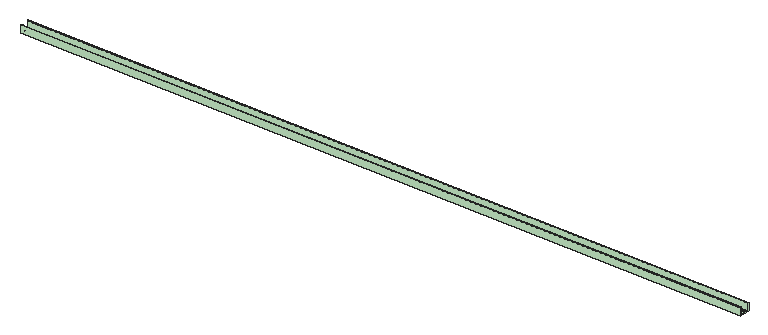
Revit family "runner_wr50", category 機械設備, Revit 2022
Family settings
  丸型コネクタ寸法 = 直径を使用
  種別 = なし
  パーツ タイプ = 標準
  作業面ベース = いいえ
  常に垂直 = はい
  ロード時にボイドで切り取り = いいえ
  注釈の向きを維持 = いいえ
  共有 = いいえ
  部屋計算ポイント = いいえ
Parameters
  製造元 = "株式会社桐井製作所"
  既定の高さ = 0 mm
  URL = "https://www.kirii.co.jp/"
  K_長さ(mm) [instance] = 4000 mm
  K_材質 = "SGCCまたはSGHC　一般用"
  K_断面積A(mm2) = 103.5
  K_断面係数Zy(mm3) = 1921
  K_断面係数Zx(mm3) = 651.9
  K_断面2次半径iy(mm) = 22
  K_断面2次半径ix(mm) = 13.2
  K_断面2次モーメントIy(mm4) = 49970
  K_断面2次モーメントIx(mm4) = 17920
  K_外形寸法(mm) = "52×40×0.8"
  K_品名 = "WR-50"
  K_名称 = "ランナー"
  K_単位質量(kg/m) = 0.836
  K_ヤング係数E(N/mm2) = 205000
  K_バージョン情報 = "20210524"
  K_めっき付着量 = "Z12"
  K_JIS規格 = "JIS G 3302"
  K_JIS外 [instance] = not(K_JIS)  # no
  K_JIS [instance] = yes
Reference planes
  plane 1 "中心(正面/背面)": y = 0
  plane 2: z = 0
  plane 3 "中心(左/右)": x = 0
  plane 4: x = 4000
  plane 5: y = -26
  plane 6: y = 26
  plane 7: z = 40
  plane 8: y = 26
  plane 9: y = -26
Forms (mm)
  Extrusion 1, solid
    sketch origin (0, 0, 0) x (0, 1, 0) y (0, 0, 1)
      loop
        line (-26, 0) -> (-16.01, 0) -> (-15.21, 0.8) -> (-6.81, 0.8) -> (-6.01, 0) -> (5.962, 0) -> (6.781, 0.819) -> (15.181, 0.819) -> (16, 0) -> (26, 0) -> (26, 40) -> (25.2, 40) -> (25.2, 0.8) -> (16.331, 0.8) -> (15.512, 1.619) -> (6.449, 1.619) -> (5.63, 0.8) -> (-5.679, 0.8) -> (-6.479, 1.6) -> (-15.541, 1.6) -> (-16.341, 0.8) -> (-25.2, 0.8) -> (-25.2, 40) -> (-26, 40) -> (-26, 0)
    from 0 to 4000
Dimensions and locks
  "K_長さ(mm)": plane 3 "中心(左/右)" to plane 4
  aligned and locked: level to plane 2
  aligned and locked: plane 4 to Extrusion 1
  aligned and locked: Extrusion 1 sketch curve to plane 6
  aligned and locked: plane 5 to Extrusion 1 sketch curve
  aligned and locked: Extrusion 1 to plane 4
Automatic sketch dimensions
  Extrusion 1 sketch curve to plane 7 = 0 mm  (x2)
  Extrusion 1 sketch curve to level = 0 mm  (x3)
  level to Extrusion 1 sketch curve = 0.8 mm  (x4)
  Extrusion 1 sketch curve to Extrusion 1 sketch curve = 0.331 mm  (x8)
  level to Extrusion 1 sketch curve = 1.6 mm
  Extrusion 1 sketch curve to Extrusion 1 sketch curve = 0.8 mm  (x2)
  plane 1 "中心(正面/背面)" to Extrusion 1 sketch curve = 6.81 mm
  Extrusion 1 sketch curve to plane 1 "中心(正面/背面)" = 5.63 mm
  Extrusion 1 sketch curve to Extrusion 1 sketch curve = 0.819 mm  (x2)
  level to Extrusion 1 sketch curve = 0.819 mm
  Extrusion 1 sketch curve to Extrusion 1 sketch curve = 8.4 mm
  level to Extrusion 1 sketch curve = 1.619 mm
  plane 6 to Extrusion 1 sketch curve = 0.8 mm
  Extrusion 1 sketch curve to plane 5 = 0.8 mm
  Extrusion 1 sketch curve to Extrusion 1 sketch curve = 8.859 mm
